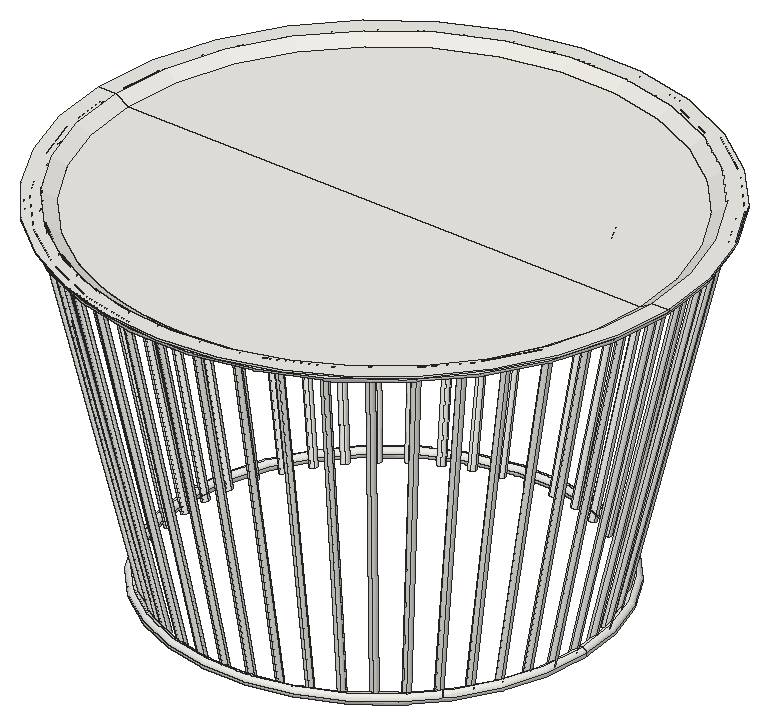
Revit family "FU_Table_Sandler_Noodle 8-1", category Furniture, Revit 2020
Family settings
  OmniClass Number = 23.40.20.00
  OmniClass Title = General Furniture and Specialties
  Work Plane-Based = No
  Always vertical = Yes
  Cut with Voids When Loaded = No
  Shared = No
  Room Calculation Point = No
Parameters (values of type "Noodle 8.1")
  Width = 500 mm
  URL = "https://www.sandlerseating.com/product/noodle-8-1/"
  Model = "Noodle 8.1"
  Manufacturer = "Sandler"
  Height = 300 mm
  Frame [instance] = Metal - Paint -AL VR - Pure White
  Description = "Coffee table with a steel sheet table top on a steel frame. Suitable for outdoor use with AC VR outdoor colours."
  Depth = 500 mm
  Default Elevation = 0 mm
Reference planes
  plane 1 "Center (Front/Back)": y = 0
  plane 2: z = 0
  plane 3 "Center (Left/Right)": x = 0
  plane 4 "Right": x = -250
  plane 5 "Left": x = 250
  plane 6 "Back": y = 250
  plane 7 "Front": y = -250
  plane 8 "Height": z = 300
  plane 9 "Top Base": z = 292
  plane 10 "Top Ring H FRONT": z = 296.25
  plane 11 "Top Ring RAD FRONT": x = -245.25
  plane 12 "Base Ring H FRONT": z = 4
  plane 13 "ROD C Left FRONT": through (166.569, -1524, 3.067) normal (-0.972, 0, 0.235)
Forms (mm)
  Revolve 1, solid, material "Metal - Paint -AL VR - Pure White" <- "Frame"
    sketch origin (0, 0, 0) x (1, 0, 0) y (0, 0, 1)
      loop
        line (-235.129, 300) -> (-250, 300) -> (-250, 299) -> (-235.898, 299) -> (-224.248, 292) -> (0, 292) -> (0, 293.5) -> (-224.311, 293.5) -> (-235.129, 300)
      axis (0, 300) -> (0, 292)
    angle from 0 to 360
  Sweep 2, solid, material "Metal - Paint -AL VR - Pure White" <- "Frame"
    path origin (0, 0, 296.25) x (-1, 0, 0) y (0, -1, 0)
      loop
        circle (0, 0) r 245.25
    profile "Pro_Circles : 05.5mm" origin (0, -245.25, 296.25) x (0, 1, 0) y (0, 0, 1)
      loop
        arc (-2.717, 0.067) -> (-1.99, -1.893) -> (-0.069, -2.717) r 2.651
        arc (-0.069, -2.717) -> (1.942, -1.944) -> (2.717, 0.067) r 2.654
        arc (2.717, 0.067) -> (1.893, 1.988) -> (-0.067, 2.717) r 2.653
        arc (-0.067, 2.717) -> (-1.94, 1.94) -> (-2.717, 0.067) r 2.65
  Extrusion 3, solid, material "Metal - Paint -AL VR - Pure White" <- "Frame"
    sketch origin (0, 0, 292) x (-1, 0, 0) y (0, -1, 0)
      loop
        circle (0, 0) r 162
    from 0 to -5
  Sweep 4, solid, material "Metal - Paint -AL VR - Pure White" <- "Frame"
    path origin (0, 0, 4) x (-1, 0, 0) y (0, -1, 0)
      loop
        circle (0, 0) r 173.52
    profile "Pro_Circles : 08mm" origin (0, -173.52, 4) x (0, 1, 0) y (0, 0, 1)
      loop
        arc (-3.967, 0.067) -> (-2.873, -2.777) -> (-0.068, -3.967) r 3.901
        arc (-0.068, -3.967) -> (2.826, -2.827) -> (3.967, 0.067) r 3.903
        arc (3.967, 0.067) -> (2.777, 2.872) -> (-0.067, 3.967) r 3.902
        arc (-0.067, 3.967) -> (-2.824, 2.824) -> (-3.967, 0.067) r 3.9
  Sweep 5, solid, material "Metal - Paint -AL VR - Pure White" <- "Frame"
    path origin (0, 0, 0) x (1, 0, 0) y (0, 0, 1)
      loop
        line (165.835, 0.033) -> (238.114, 298.967)
    profile "Pro_Circles : 06mm" origin (201.974, 0, 149.5) x (-0.971992, 0, 0.235015) y (0, -1, 0)
      loop
        arc (-2.967, 0.067) -> (-2.167, -2.07) -> (-0.069, -2.967) r 2.901
        arc (-0.069, -2.967) -> (2.119, -2.121) -> (2.967, 0.067) r 2.904
        arc (2.967, 0.067) -> (2.07, 2.165) -> (-0.067, 2.967) r 2.903
        arc (-0.067, 2.967) -> (-2.117, 2.117) -> (-2.967, 0.067) r 2.9
  Sweep 6, solid, material "Metal - Paint -AL VR - Pure White" <- "Frame"
    path origin (0, 0, 0) x (0.991076, 0.133294, 0) y (0, 0, 1)
      loop
        line (165.835, 0.033) -> (238.114, 298.967)
    profile "Pro_Circles : 06mm" origin (200.172, 26.922, 149.5) x (-0.963318, -0.129561, 0.235015) y (0.133294, -0.991076, 0)
      loop
        arc (-2.967, 0.067) -> (-2.167, -2.07) -> (-0.069, -2.967) r 2.901
        arc (-0.069, -2.967) -> (2.119, -2.121) -> (2.967, 0.067) r 2.904
        arc (2.967, 0.067) -> (2.07, 2.165) -> (-0.067, 2.967) r 2.903
        arc (-0.067, 2.967) -> (-2.117, 2.117) -> (-2.967, 0.067) r 2.9
  Sweep 7, solid, material "Metal - Paint -AL VR - Pure White" <- "Frame"
    path origin (0, 0, 0) x (0.964465, 0.26421, 0) y (0, 0, 1)
      loop
        line (165.835, 0.033) -> (238.114, 298.967)
    profile "Pro_Circles : 06mm" origin (194.797, 53.364, 149.5) x (-0.937452, -0.25681, 0.235015) y (0.26421, -0.964465, 0)
      loop
        arc (-2.967, 0.067) -> (-2.167, -2.07) -> (-0.069, -2.967) r 2.901
        arc (-0.069, -2.967) -> (2.119, -2.121) -> (2.967, 0.067) r 2.904
        arc (2.967, 0.067) -> (2.07, 2.165) -> (-0.067, 2.967) r 2.903
        arc (-0.067, 2.967) -> (-2.117, 2.117) -> (-2.967, 0.067) r 2.9
  Sweep 8, solid, material "Metal - Paint -AL VR - Pure White" <- "Frame"
    path origin (0, 0, 0) x (0.920641, 0.39041, 0) y (0, 0, 1)
      loop
        line (165.835, 0.033) -> (238.114, 298.967)
    profile "Pro_Circles : 06mm" origin (185.946, 78.853, 149.5) x (-0.894856, -0.379475, 0.235015) y (0.39041, -0.920641, 0)
      loop
        arc (-2.967, 0.067) -> (-2.167, -2.07) -> (-0.069, -2.967) r 2.901
        arc (-0.069, -2.967) -> (2.119, -2.121) -> (2.967, 0.067) r 2.904
        arc (2.967, 0.067) -> (2.07, 2.165) -> (-0.067, 2.967) r 2.903
        arc (-0.067, 2.967) -> (-2.117, 2.117) -> (-2.967, 0.067) r 2.9
  Sweep 9, solid, material "Metal - Paint -AL VR - Pure White" <- "Frame"
    path origin (0, 0, 0) x (0.860386, 0.509642, 0) y (0, 0, 1)
      loop
        line (165.835, 0.033) -> (238.114, 298.967)
    profile "Pro_Circles : 06mm" origin (173.776, 102.935, 149.5) x (-0.836289, -0.495368, 0.235015) y (0.509642, -0.860386, 0)
      loop
        arc (-2.967, 0.067) -> (-2.167, -2.07) -> (-0.069, -2.967) r 2.901
        arc (-0.069, -2.967) -> (2.119, -2.121) -> (2.967, 0.067) r 2.904
        arc (2.967, 0.067) -> (2.07, 2.165) -> (-0.067, 2.967) r 2.903
        arc (-0.067, 2.967) -> (-2.117, 2.117) -> (-2.967, 0.067) r 2.9
  Sweep 10, solid, material "Metal - Paint -AL VR - Pure White" <- "Frame"
    path origin (0, 0, 0) x (0.784776, 0.619779, 0) y (0, 0, 1)
      loop
        line (165.835, 0.033) -> (238.114, 298.967)
    profile "Pro_Circles : 06mm" origin (158.505, 125.18, 149.5) x (-0.762796, -0.60242, 0.235015) y (0.619779, -0.784776, 0)
      loop
        arc (-2.967, 0.067) -> (-2.167, -2.07) -> (-0.069, -2.967) r 2.901
        arc (-0.069, -2.967) -> (2.119, -2.121) -> (2.967, 0.067) r 2.904
        arc (2.967, 0.067) -> (2.07, 2.165) -> (-0.067, 2.967) r 2.903
        arc (-0.067, 2.967) -> (-2.117, 2.117) -> (-2.967, 0.067) r 2.9
  Sweep 11, solid, material "Metal - Paint -AL VR - Pure White" <- "Frame"
    path origin (0, 0, 0) x (0.69516, 0.718855, 0) y (0, 0, 1)
      loop
        line (165.835, 0.033) -> (238.114, 298.967)
    profile "Pro_Circles : 06mm" origin (140.405, 145.19, 149.5) x (-0.67569, -0.698721, 0.235015) y (0.718855, -0.69516, 0)
      loop
        arc (-2.967, 0.067) -> (-2.167, -2.07) -> (-0.069, -2.967) r 2.901
        arc (-0.069, -2.967) -> (2.119, -2.121) -> (2.967, 0.067) r 2.904
        arc (2.967, 0.067) -> (2.07, 2.165) -> (-0.067, 2.967) r 2.903
        arc (-0.067, 2.967) -> (-2.117, 2.117) -> (-2.967, 0.067) r 2.9
  Sweep 12, solid, material "Metal - Paint -AL VR - Pure White" <- "Frame"
    path origin (0, 0, 0) x (0.593138, 0.805101, 0) y (0, 0, 1)
      loop
        line (165.835, 0.033) -> (238.114, 298.967)
    profile "Pro_Circles : 06mm" origin (119.799, 162.61, 149.5) x (-0.576525, -0.782551, 0.235015) y (0.805101, -0.593138, 0)
      loop
        arc (-2.967, 0.067) -> (-2.167, -2.07) -> (-0.069, -2.967) r 2.901
        arc (-0.069, -2.967) -> (2.119, -2.121) -> (2.967, 0.067) r 2.904
        arc (2.967, 0.067) -> (2.07, 2.165) -> (-0.067, 2.967) r 2.903
        arc (-0.067, 2.967) -> (-2.117, 2.117) -> (-2.967, 0.067) r 2.9
  Sweep 13, solid, material "Metal - Paint -AL VR - Pure White" <- "Frame"
    path origin (0, 0, 0) x (0.48053, 0.876978, 0) y (0, 0, 1)
      loop
        line (165.835, 0.033) -> (238.114, 298.967)
    profile "Pro_Circles : 06mm" origin (97.055, 177.127, 149.5) x (-0.467071, -0.852416, 0.235015) y (0.876978, -0.48053, 0)
      loop
        arc (-2.967, 0.067) -> (-2.167, -2.07) -> (-0.069, -2.967) r 2.901
        arc (-0.069, -2.967) -> (2.119, -2.121) -> (2.967, 0.067) r 2.904
        arc (2.967, 0.067) -> (2.07, 2.165) -> (-0.067, 2.967) r 2.903
        arc (-0.067, 2.967) -> (-2.117, 2.117) -> (-2.967, 0.067) r 2.9
  Sweep 14, solid, material "Metal - Paint -AL VR - Pure White" <- "Frame"
    path origin (0, 0, 0) x (0.359345, 0.933205, 0) y (0, 0, 1)
      loop
        line (165.835, 0.033) -> (238.114, 298.967)
    profile "Pro_Circles : 06mm" origin (72.579, 188.484, 149.5) x (-0.349281, -0.907067, 0.235015) y (0.933205, -0.359345, 0)
      loop
        arc (-2.967, 0.067) -> (-2.167, -2.07) -> (-0.069, -2.967) r 2.901
        arc (-0.069, -2.967) -> (2.119, -2.121) -> (2.967, 0.067) r 2.904
        arc (2.967, 0.067) -> (2.07, 2.165) -> (-0.067, 2.967) r 2.903
        arc (-0.067, 2.967) -> (-2.117, 2.117) -> (-2.967, 0.067) r 2.9
  Sweep 15, solid, material "Metal - Paint -AL VR - Pure White" <- "Frame"
    path origin (0, 0, 0) x (0.231748, 0.972776, 0) y (0, 0, 1)
      loop
        line (165.835, 0.033) -> (238.114, 298.967)
    profile "Pro_Circles : 06mm" origin (46.807, 196.476, 149.5) x (-0.225257, -0.94553, 0.235015) y (0.972776, -0.231748, 0)
      loop
        arc (-2.967, 0.067) -> (-2.167, -2.07) -> (-0.069, -2.967) r 2.901
        arc (-0.069, -2.967) -> (2.119, -2.121) -> (2.967, 0.067) r 2.904
        arc (2.967, 0.067) -> (2.07, 2.165) -> (-0.067, 2.967) r 2.903
        arc (-0.067, 2.967) -> (-2.117, 2.117) -> (-2.967, 0.067) r 2.9
  Sweep 16, solid, material "Metal - Paint -AL VR - Pure White" <- "Frame"
    path origin (0, 0, 0) x (0.100014, 0.994986, 0) y (0, 0, 1)
      loop
        line (165.835, 0.033) -> (238.114, 298.967)
    profile "Pro_Circles : 06mm" origin (20.2, 200.962, 149.5) x (-0.097213, -0.967118, 0.235015) y (0.994986, -0.100014, 0)
      loop
        arc (-2.967, 0.067) -> (-2.167, -2.07) -> (-0.069, -2.967) r 2.901
        arc (-0.069, -2.967) -> (2.119, -2.121) -> (2.967, 0.067) r 2.904
        arc (2.967, 0.067) -> (2.07, 2.165) -> (-0.067, 2.967) r 2.903
        arc (-0.067, 2.967) -> (-2.117, 2.117) -> (-2.967, 0.067) r 2.9
  Sweep 17, solid, material "Metal - Paint -AL VR - Pure White" <- "Frame"
    path origin (0, 0, 0) x (-0.033504, 0.999439, 0) y (0, 0, 1)
      loop
        line (165.835, 0.033) -> (238.114, 298.967)
    profile "Pro_Circles : 06mm" origin (-6.767, 201.861, 149.5) x (0.032566, -0.971446, 0.235015) y (0.999439, 0.033504, 0)
      loop
        arc (-2.967, 0.067) -> (-2.167, -2.07) -> (-0.069, -2.967) r 2.901
        arc (-0.069, -2.967) -> (2.119, -2.121) -> (2.967, 0.067) r 2.904
        arc (2.967, 0.067) -> (2.07, 2.165) -> (-0.067, 2.967) r 2.903
        arc (-0.067, 2.967) -> (-2.117, 2.117) -> (-2.967, 0.067) r 2.9
  Sweep 18, solid, material "Metal - Paint -AL VR - Pure White" <- "Frame"
    path origin (0, 0, 0) x (-0.166425, 0.986054, 0) y (0, 0, 1)
      loop
        line (165.835, 0.033) -> (238.114, 298.967)
    profile "Pro_Circles : 06mm" origin (-33.614, 199.158, 149.5) x (0.161763, -0.958437, 0.235015) y (0.986054, 0.166425, 0)
      loop
        arc (-2.967, 0.067) -> (-2.167, -2.07) -> (-0.069, -2.967) r 2.901
        arc (-0.069, -2.967) -> (2.119, -2.121) -> (2.967, 0.067) r 2.904
        arc (2.967, 0.067) -> (2.07, 2.165) -> (-0.067, 2.967) r 2.903
        arc (-0.067, 2.967) -> (-2.117, 2.117) -> (-2.967, 0.067) r 2.9
  Sweep 19, solid, material "Metal - Paint -AL VR - Pure White" <- "Frame"
    path origin (0, 0, 0) x (-0.296375, 0.955072, 0) y (0, 0, 1)
      loop
        line (165.835, 0.033) -> (238.114, 298.967)
    profile "Pro_Circles : 06mm" origin (-59.86, 192.9, 149.5) x (0.288074, -0.928322, 0.235015) y (0.955072, 0.296375, 0)
      loop
        arc (-2.967, 0.067) -> (-2.167, -2.07) -> (-0.069, -2.967) r 2.901
        arc (-0.069, -2.967) -> (2.119, -2.121) -> (2.967, 0.067) r 2.904
        arc (2.967, 0.067) -> (2.07, 2.165) -> (-0.067, 2.967) r 2.903
        arc (-0.067, 2.967) -> (-2.117, 2.117) -> (-2.967, 0.067) r 2.9
  Sweep 20, solid, material "Metal - Paint -AL VR - Pure White" <- "Frame"
    path origin (0, 0, 0) x (-0.421036, 0.907044, 0) y (0, 0, 1)
      loop
        line (165.835, 0.033) -> (238.114, 298.967)
    profile "Pro_Circles : 06mm" origin (-85.038, 183.2, 149.5) x (0.409243, -0.881639, 0.235015) y (0.907044, 0.421036, 0)
      loop
        arc (-2.967, 0.067) -> (-2.167, -2.07) -> (-0.069, -2.967) r 2.901
        arc (-0.069, -2.967) -> (2.119, -2.121) -> (2.967, 0.067) r 2.904
        arc (2.967, 0.067) -> (2.07, 2.165) -> (-0.067, 2.967) r 2.903
        arc (-0.067, 2.967) -> (-2.117, 2.117) -> (-2.967, 0.067) r 2.9
  Sweep 21, solid, material "Metal - Paint -AL VR - Pure White" <- "Frame"
    path origin (0, 0, 0) x (-0.538183, 0.842828, 0) y (0, 0, 1)
      loop
        line (165.835, 0.033) -> (238.114, 298.967)
    profile "Pro_Circles : 06mm" origin (-108.699, 170.23, 149.5) x (0.523109, -0.819222, 0.235015) y (0.842828, 0.538183, 0)
      loop
        arc (-2.967, 0.067) -> (-2.167, -2.07) -> (-0.069, -2.967) r 2.901
        arc (-0.069, -2.967) -> (2.119, -2.121) -> (2.967, 0.067) r 2.904
        arc (2.967, 0.067) -> (2.07, 2.165) -> (-0.067, 2.967) r 2.903
        arc (-0.067, 2.967) -> (-2.117, 2.117) -> (-2.967, 0.067) r 2.9
  Sweep 22, solid, material "Metal - Paint -AL VR - Pure White" <- "Frame"
    path origin (0, 0, 0) x (-0.645724, 0.763571, 0) y (0, 0, 1)
      loop
        line (165.835, 0.033) -> (238.114, 298.967)
    profile "Pro_Circles : 06mm" origin (-130.42, 154.222, 149.5) x (0.627639, -0.742184, 0.235015) y (0.763571, 0.645724, 0)
      loop
        arc (-2.967, 0.067) -> (-2.167, -2.07) -> (-0.069, -2.967) r 2.901
        arc (-0.069, -2.967) -> (2.119, -2.121) -> (2.967, 0.067) r 2.904
        arc (2.967, 0.067) -> (2.07, 2.165) -> (-0.067, 2.967) r 2.903
        arc (-0.067, 2.967) -> (-2.117, 2.117) -> (-2.967, 0.067) r 2.9
  Sweep 23, solid, material "Metal - Paint -AL VR - Pure White" <- "Frame"
    path origin (0, 0, 0) x (-0.741742, 0.670686, 0) y (0, 0, 1)
      loop
        line (165.835, 0.033) -> (238.114, 298.967)
    profile "Pro_Circles : 06mm" origin (-149.813, 135.461, 149.5) x (0.720967, -0.651901, 0.235015) y (0.670686, 0.741742, 0)
      loop
        arc (-2.967, 0.067) -> (-2.167, -2.07) -> (-0.069, -2.967) r 2.901
        arc (-0.069, -2.967) -> (2.119, -2.121) -> (2.967, 0.067) r 2.904
        arc (2.967, 0.067) -> (2.07, 2.165) -> (-0.067, 2.967) r 2.903
        arc (-0.067, 2.967) -> (-2.117, 2.117) -> (-2.967, 0.067) r 2.9
  Sweep 24, solid, material "Metal - Paint -AL VR - Pure White" <- "Frame"
    path origin (0, 0, 0) x (-0.824521, 0.565831, 0) y (0, 0, 1)
      loop
        line (165.835, 0.033) -> (238.114, 298.967)
    profile "Pro_Circles : 06mm" origin (-166.532, 114.283, 149.5) x (0.801428, -0.549983, 0.235015) y (0.565831, 0.824521, 0)
      loop
        arc (-2.967, 0.067) -> (-2.167, -2.07) -> (-0.069, -2.967) r 2.901
        arc (-0.069, -2.967) -> (2.119, -2.121) -> (2.967, 0.067) r 2.904
        arc (2.967, 0.067) -> (2.07, 2.165) -> (-0.067, 2.967) r 2.903
        arc (-0.067, 2.967) -> (-2.117, 2.117) -> (-2.967, 0.067) r 2.9
  Sweep 25, solid, material "Metal - Paint -AL VR - Pure White" <- "Frame"
    path origin (0, 0, 0) x (-0.892586, 0.450878, 0) y (0, 0, 1)
      loop
        line (165.835, 0.033) -> (238.114, 298.967)
    profile "Pro_Circles : 06mm" origin (-180.28, 91.066, 149.5) x (0.867586, -0.438249, 0.235015) y (0.450878, 0.892586, 0)
      loop
        arc (-2.967, 0.067) -> (-2.167, -2.07) -> (-0.069, -2.967) r 2.901
        arc (-0.069, -2.967) -> (2.119, -2.121) -> (2.967, 0.067) r 2.904
        arc (2.967, 0.067) -> (2.07, 2.165) -> (-0.067, 2.967) r 2.903
        arc (-0.067, 2.967) -> (-2.117, 2.117) -> (-2.967, 0.067) r 2.9
  Sweep 26, solid, material "Metal - Paint -AL VR - Pure White" <- "Frame"
    path origin (0, 0, 0) x (-0.94472, 0.327878, 0) y (0, 0, 1)
      loop
        line (165.835, 0.033) -> (238.114, 298.967)
    profile "Pro_Circles : 06mm" origin (-190.809, 66.223, 149.5) x (0.91826, -0.318694, 0.235015) y (0.327878, 0.94472, 0)
      loop
        arc (-2.967, 0.067) -> (-2.167, -2.07) -> (-0.069, -2.967) r 2.901
        arc (-0.069, -2.967) -> (2.119, -2.121) -> (2.967, 0.067) r 2.904
        arc (2.967, 0.067) -> (2.07, 2.165) -> (-0.067, 2.967) r 2.903
        arc (-0.067, 2.967) -> (-2.117, 2.117) -> (-2.967, 0.067) r 2.9
  Sweep 27, solid, material "Metal - Paint -AL VR - Pure White" <- "Frame"
    path origin (0, 0, 0) x (-0.979994, 0.199026, 0) y (0, 0, 1)
      loop
        line (165.835, 0.033) -> (238.114, 298.967)
    profile "Pro_Circles : 06mm" origin (-197.934, 40.198, 149.5) x (0.952546, -0.193452, 0.235015) y (0.199026, 0.979994, 0)
      loop
        arc (-2.967, 0.067) -> (-2.167, -2.07) -> (-0.069, -2.967) r 2.901
        arc (-0.069, -2.967) -> (2.119, -2.121) -> (2.967, 0.067) r 2.904
        arc (2.967, 0.067) -> (2.07, 2.165) -> (-0.067, 2.967) r 2.903
        arc (-0.067, 2.967) -> (-2.117, 2.117) -> (-2.967, 0.067) r 2.9
  Sweep 28, solid, material "Metal - Paint -AL VR - Pure White" <- "Frame"
    path origin (0, 0, 0) x (-0.997778, 0.066622, 0) y (0, 0, 1)
      loop
        line (165.835, 0.033) -> (238.114, 298.967)
    profile "Pro_Circles : 06mm" origin (-201.526, 13.456, 149.5) x (0.969832, -0.064756, 0.235015) y (0.066622, 0.997778, 0)
      loop
        arc (-2.967, 0.067) -> (-2.167, -2.07) -> (-0.069, -2.967) r 2.901
        arc (-0.069, -2.967) -> (2.119, -2.121) -> (2.967, 0.067) r 2.904
        arc (2.967, 0.067) -> (2.07, 2.165) -> (-0.067, 2.967) r 2.903
        arc (-0.067, 2.967) -> (-2.117, 2.117) -> (-2.967, 0.067) r 2.9
  Sweep 29, solid, material "Metal - Paint -AL VR - Pure White" <- "Frame"
    path origin (0, 0, 0) x (-0.997755, -0.06697, 0) y (0, 0, 1)
      loop
        line (165.835, 0.033) -> (238.114, 298.967)
    profile "Pro_Circles : 06mm" origin (-201.521, -13.526, 149.5) x (0.96981, 0.065095, 0.235015) y (-0.06697, 0.997755, 0)
      loop
        arc (-2.967, 0.067) -> (-2.167, -2.07) -> (-0.069, -2.967) r 2.901
        arc (-0.069, -2.967) -> (2.119, -2.121) -> (2.967, 0.067) r 2.904
        arc (2.967, 0.067) -> (2.07, 2.165) -> (-0.067, 2.967) r 2.903
        arc (-0.067, 2.967) -> (-2.117, 2.117) -> (-2.967, 0.067) r 2.9
  Sweep 30, solid, material "Metal - Paint -AL VR - Pure White" <- "Frame"
    path origin (0, 0, 0) x (-0.979925, -0.199368, 0) y (0, 0, 1)
      loop
        line (165.835, 0.033) -> (238.114, 298.967)
    profile "Pro_Circles : 06mm" origin (-197.92, -40.267, 149.5) x (0.952479, 0.193784, 0.235015) y (-0.199368, 0.979925, 0)
      loop
        arc (-2.967, 0.067) -> (-2.167, -2.07) -> (-0.069, -2.967) r 2.901
        arc (-0.069, -2.967) -> (2.119, -2.121) -> (2.967, 0.067) r 2.904
        arc (2.967, 0.067) -> (2.07, 2.165) -> (-0.067, 2.967) r 2.903
        arc (-0.067, 2.967) -> (-2.117, 2.117) -> (-2.967, 0.067) r 2.9
  Sweep 31, solid, material "Metal - Paint -AL VR - Pure White" <- "Frame"
    path origin (0, 0, 0) x (-0.944606, -0.328207, 0) y (0, 0, 1)
      loop
        line (165.835, 0.033) -> (238.114, 298.967)
    profile "Pro_Circles : 06mm" origin (-190.786, -66.289, 149.5) x (0.918149, 0.319015, 0.235015) y (-0.328207, 0.944606, 0)
      loop
        arc (-2.967, 0.067) -> (-2.167, -2.07) -> (-0.069, -2.967) r 2.901
        arc (-0.069, -2.967) -> (2.119, -2.121) -> (2.967, 0.067) r 2.904
        arc (2.967, 0.067) -> (2.07, 2.165) -> (-0.067, 2.967) r 2.903
        arc (-0.067, 2.967) -> (-2.117, 2.117) -> (-2.967, 0.067) r 2.9
  Sweep 32, solid, material "Metal - Paint -AL VR - Pure White" <- "Frame"
    path origin (0, 0, 0) x (-0.892428, -0.451189, 0) y (0, 0, 1)
      loop
        line (165.835, 0.033) -> (238.114, 298.967)
    profile "Pro_Circles : 06mm" origin (-180.248, -91.129, 149.5) x (0.867433, 0.438552, 0.235015) y (-0.451189, 0.892428, 0)
      loop
        arc (-2.967, 0.067) -> (-2.167, -2.07) -> (-0.069, -2.967) r 2.901
        arc (-0.069, -2.967) -> (2.119, -2.121) -> (2.967, 0.067) r 2.904
        arc (2.967, 0.067) -> (2.07, 2.165) -> (-0.067, 2.967) r 2.903
        arc (-0.067, 2.967) -> (-2.117, 2.117) -> (-2.967, 0.067) r 2.9
  Sweep 33, solid, material "Metal - Paint -AL VR - Pure White" <- "Frame"
    path origin (0, 0, 0) x (-0.824324, -0.566119, 0) y (0, 0, 1)
      loop
        line (165.835, 0.033) -> (238.114, 298.967)
    profile "Pro_Circles : 06mm" origin (-166.492, -114.341, 149.5) x (0.801236, 0.550263, 0.235015) y (-0.566119, 0.824324, 0)
      loop
        arc (-2.967, 0.067) -> (-2.167, -2.07) -> (-0.069, -2.967) r 2.901
        arc (-0.069, -2.967) -> (2.119, -2.121) -> (2.967, 0.067) r 2.904
        arc (2.967, 0.067) -> (2.07, 2.165) -> (-0.067, 2.967) r 2.903
        arc (-0.067, 2.967) -> (-2.117, 2.117) -> (-2.967, 0.067) r 2.9
  Sweep 34, solid, material "Metal - Paint -AL VR - Pure White" <- "Frame"
    path origin (0, 0, 0) x (-0.741508, -0.670944, 0) y (0, 0, 1)
      loop
        line (165.835, 0.033) -> (238.114, 298.967)
    profile "Pro_Circles : 06mm" origin (-149.766, -135.514, 149.5) x (0.720739, 0.652153, 0.235015) y (-0.670944, 0.741508, 0)
      loop
        arc (-2.967, 0.067) -> (-2.167, -2.07) -> (-0.069, -2.967) r 2.901
        arc (-0.069, -2.967) -> (2.119, -2.121) -> (2.967, 0.067) r 2.904
        arc (2.967, 0.067) -> (2.07, 2.165) -> (-0.067, 2.967) r 2.903
        arc (-0.067, 2.967) -> (-2.117, 2.117) -> (-2.967, 0.067) r 2.9
  Sweep 35, solid, material "Metal - Paint -AL VR - Pure White" <- "Frame"
    path origin (0, 0, 0) x (-0.645458, -0.763796, 0) y (0, 0, 1)
      loop
        line (165.835, 0.033) -> (238.114, 298.967)
    profile "Pro_Circles : 06mm" origin (-130.366, -154.267, 149.5) x (0.62738, 0.742404, 0.235015) y (-0.763796, 0.645458, 0)
      loop
        arc (-2.967, 0.067) -> (-2.167, -2.07) -> (-0.069, -2.967) r 2.901
        arc (-0.069, -2.967) -> (2.119, -2.121) -> (2.967, 0.067) r 2.904
        arc (2.967, 0.067) -> (2.07, 2.165) -> (-0.067, 2.967) r 2.903
        arc (-0.067, 2.967) -> (-2.117, 2.117) -> (-2.967, 0.067) r 2.9
  Sweep 36, solid, material "Metal - Paint -AL VR - Pure White" <- "Frame"
    path origin (0, 0, 0) x (-0.537888, -0.843016, 0) y (0, 0, 1)
      loop
        line (165.835, 0.033) -> (238.114, 298.967)
    profile "Pro_Circles : 06mm" origin (-108.64, -170.268, 149.5) x (0.522823, 0.819405, 0.235015) y (-0.843016, 0.537888, 0)
      loop
        arc (-2.967, 0.067) -> (-2.167, -2.07) -> (-0.069, -2.967) r 2.901
        arc (-0.069, -2.967) -> (2.119, -2.121) -> (2.967, 0.067) r 2.904
        arc (2.967, 0.067) -> (2.07, 2.165) -> (-0.067, 2.967) r 2.903
        arc (-0.067, 2.967) -> (-2.117, 2.117) -> (-2.967, 0.067) r 2.9
  Sweep 37, solid, material "Metal - Paint -AL VR - Pure White" <- "Frame"
    path origin (0, 0, 0) x (-0.420719, -0.907191, 0) y (0, 0, 1)
      loop
        line (165.835, 0.033) -> (238.114, 298.967)
    profile "Pro_Circles : 06mm" origin (-84.975, -183.229, 149.5) x (0.408936, 0.881782, 0.235015) y (-0.907191, 0.420719, 0)
      loop
        arc (-2.967, 0.067) -> (-2.167, -2.07) -> (-0.069, -2.967) r 2.901
        arc (-0.069, -2.967) -> (2.119, -2.121) -> (2.967, 0.067) r 2.904
        arc (2.967, 0.067) -> (2.07, 2.165) -> (-0.067, 2.967) r 2.903
        arc (-0.067, 2.967) -> (-2.117, 2.117) -> (-2.967, 0.067) r 2.9
  Sweep 38, solid, material "Metal - Paint -AL VR - Pure White" <- "Frame"
    path origin (0, 0, 0) x (-0.296041, -0.955175, 0) y (0, 0, 1)
      loop
        line (165.835, 0.033) -> (238.114, 298.967)
    profile "Pro_Circles : 06mm" origin (-59.793, -192.921, 149.5) x (0.28775, 0.928422, 0.235015) y (-0.955175, 0.296041, 0)
      loop
        arc (-2.967, 0.067) -> (-2.167, -2.07) -> (-0.069, -2.967) r 2.901
        arc (-0.069, -2.967) -> (2.119, -2.121) -> (2.967, 0.067) r 2.904
        arc (2.967, 0.067) -> (2.07, 2.165) -> (-0.067, 2.967) r 2.903
        arc (-0.067, 2.967) -> (-2.117, 2.117) -> (-2.967, 0.067) r 2.9
  Sweep 39, solid, material "Metal - Paint -AL VR - Pure White" <- "Frame"
    path origin (0, 0, 0) x (-0.16608, -0.986112, 0) y (0, 0, 1)
      loop
        line (165.835, 0.033) -> (238.114, 298.967)
    profile "Pro_Circles : 06mm" origin (-33.544, -199.169, 149.5) x (0.161429, 0.958493, 0.235015) y (-0.986112, 0.16608, 0)
      loop
        arc (-2.967, 0.067) -> (-2.167, -2.07) -> (-0.069, -2.967) r 2.901
        arc (-0.069, -2.967) -> (2.119, -2.121) -> (2.967, 0.067) r 2.904
        arc (2.967, 0.067) -> (2.07, 2.165) -> (-0.067, 2.967) r 2.903
        arc (-0.067, 2.967) -> (-2.117, 2.117) -> (-2.967, 0.067) r 2.9
  Sweep 40, solid, material "Metal - Paint -AL VR - Pure White" <- "Frame"
    path origin (0, 0, 0) x (-0.033155, -0.99945, 0) y (0, 0, 1)
      loop
        line (165.835, 0.033) -> (238.114, 298.967)
    profile "Pro_Circles : 06mm" origin (-6.696, -201.863, 149.5) x (0.032227, 0.971457, 0.235015) y (-0.99945, 0.033155, 0)
      loop
        arc (-2.967, 0.067) -> (-2.167, -2.07) -> (-0.069, -2.967) r 2.901
        arc (-0.069, -2.967) -> (2.119, -2.121) -> (2.967, 0.067) r 2.904
        arc (2.967, 0.067) -> (2.07, 2.165) -> (-0.067, 2.967) r 2.903
        arc (-0.067, 2.967) -> (-2.117, 2.117) -> (-2.967, 0.067) r 2.9
  Sweep 41, solid, material "Metal - Paint -AL VR - Pure White" <- "Frame"
    path origin (0, 0, 0) x (0.100362, -0.994951, 0) y (0, 0, 1)
      loop
        line (165.835, 0.033) -> (238.114, 298.967)
    profile "Pro_Circles : 06mm" origin (20.271, -200.955, 149.5) x (-0.097551, 0.967084, 0.235015) y (-0.994951, -0.100362, 0)
      loop
        arc (-2.967, 0.067) -> (-2.167, -2.07) -> (-0.069, -2.967) r 2.901
        arc (-0.069, -2.967) -> (2.119, -2.121) -> (2.967, 0.067) r 2.904
        arc (2.967, 0.067) -> (2.07, 2.165) -> (-0.067, 2.967) r 2.903
        arc (-0.067, 2.967) -> (-2.117, 2.117) -> (-2.967, 0.067) r 2.9
  Sweep 42, solid, material "Metal - Paint -AL VR - Pure White" <- "Frame"
    path origin (0, 0, 0) x (0.232087, -0.972695, 0) y (0, 0, 1)
      loop
        line (165.835, 0.033) -> (238.114, 298.967)
    profile "Pro_Circles : 06mm" origin (46.876, -196.46, 149.5) x (-0.225587, 0.945452, 0.235015) y (-0.972695, -0.232087, 0)
      loop
        arc (-2.967, 0.067) -> (-2.167, -2.07) -> (-0.069, -2.967) r 2.901
        arc (-0.069, -2.967) -> (2.119, -2.121) -> (2.967, 0.067) r 2.904
        arc (2.967, 0.067) -> (2.07, 2.165) -> (-0.067, 2.967) r 2.903
        arc (-0.067, 2.967) -> (-2.117, 2.117) -> (-2.967, 0.067) r 2.9
  Sweep 43, solid, material "Metal - Paint -AL VR - Pure White" <- "Frame"
    path origin (0, 0, 0) x (0.359671, -0.933079, 0) y (0, 0, 1)
      loop
        line (165.835, 0.033) -> (238.114, 298.967)
    profile "Pro_Circles : 06mm" origin (72.644, -188.458, 149.5) x (-0.349597, 0.906945, 0.235015) y (-0.933079, -0.359671, 0)
      loop
        arc (-2.967, 0.067) -> (-2.167, -2.07) -> (-0.069, -2.967) r 2.901
        arc (-0.069, -2.967) -> (2.119, -2.121) -> (2.967, 0.067) r 2.904
        arc (2.967, 0.067) -> (2.07, 2.165) -> (-0.067, 2.967) r 2.903
        arc (-0.067, 2.967) -> (-2.117, 2.117) -> (-2.967, 0.067) r 2.9
  Sweep 44, solid, material "Metal - Paint -AL VR - Pure White" <- "Frame"
    path origin (0, 0, 0) x (0.480836, -0.876811, 0) y (0, 0, 1)
      loop
        line (165.835, 0.033) -> (238.114, 298.967)
    profile "Pro_Circles : 06mm" origin (97.117, -177.093, 149.5) x (-0.467368, 0.852253, 0.235015) y (-0.876811, -0.480836, 0)
      loop
        arc (-2.967, 0.067) -> (-2.167, -2.07) -> (-0.069, -2.967) r 2.901
        arc (-0.069, -2.967) -> (2.119, -2.121) -> (2.967, 0.067) r 2.904
        arc (2.967, 0.067) -> (2.07, 2.165) -> (-0.067, 2.967) r 2.903
        arc (-0.067, 2.967) -> (-2.117, 2.117) -> (-2.967, 0.067) r 2.9
  Sweep 45, solid, material "Metal - Paint -AL VR - Pure White" <- "Frame"
    path origin (0, 0, 0) x (0.593419, -0.804894, 0) y (0, 0, 1)
      loop
        line (165.835, 0.033) -> (238.114, 298.967)
    profile "Pro_Circles : 06mm" origin (119.855, -162.568, 149.5) x (-0.576798, 0.78235, 0.235015) y (-0.804894, -0.593419, 0)
      loop
        arc (-2.967, 0.067) -> (-2.167, -2.07) -> (-0.069, -2.967) r 2.901
        arc (-0.069, -2.967) -> (2.119, -2.121) -> (2.967, 0.067) r 2.904
        arc (2.967, 0.067) -> (2.07, 2.165) -> (-0.067, 2.967) r 2.903
        arc (-0.067, 2.967) -> (-2.117, 2.117) -> (-2.967, 0.067) r 2.9
  Sweep 46, solid, material "Metal - Paint -AL VR - Pure White" <- "Frame"
    path origin (0, 0, 0) x (0.695411, -0.718612, 0) y (0, 0, 1)
      loop
        line (165.835, 0.033) -> (238.114, 298.967)
    profile "Pro_Circles : 06mm" origin (140.455, -145.141, 149.5) x (-0.675934, 0.698485, 0.235015) y (-0.718612, -0.695411, 0)
      loop
        arc (-2.967, 0.067) -> (-2.167, -2.07) -> (-0.069, -2.967) r 2.901
        arc (-0.069, -2.967) -> (2.119, -2.121) -> (2.967, 0.067) r 2.904
        arc (2.967, 0.067) -> (2.07, 2.165) -> (-0.067, 2.967) r 2.903
        arc (-0.067, 2.967) -> (-2.117, 2.117) -> (-2.967, 0.067) r 2.9
  Sweep 47, solid, material "Metal - Paint -AL VR - Pure White" <- "Frame"
    path origin (0, 0, 0) x (0.784993, -0.619505, 0) y (0, 0, 1)
      loop
        line (165.835, 0.033) -> (238.114, 298.967)
    profile "Pro_Circles : 06mm" origin (158.548, -125.124, 149.5) x (-0.763006, 0.602154, 0.235015) y (-0.619505, -0.784993, 0)
      loop
        arc (-2.967, 0.067) -> (-2.167, -2.07) -> (-0.069, -2.967) r 2.901
        arc (-0.069, -2.967) -> (2.119, -2.121) -> (2.967, 0.067) r 2.904
        arc (2.967, 0.067) -> (2.07, 2.165) -> (-0.067, 2.967) r 2.903
        arc (-0.067, 2.967) -> (-2.117, 2.117) -> (-2.967, 0.067) r 2.9
  Sweep 48, solid, material "Metal - Paint -AL VR - Pure White" <- "Frame"
    path origin (0, 0, 0) x (0.860564, -0.509342, 0) y (0, 0, 1)
      loop
        line (165.835, 0.033) -> (238.114, 298.967)
    profile "Pro_Circles : 06mm" origin (173.812, -102.874, 149.5) x (-0.836461, 0.495076, 0.235015) y (-0.509342, -0.860564, 0)
      loop
        arc (-2.967, 0.067) -> (-2.167, -2.07) -> (-0.069, -2.967) r 2.901
        arc (-0.069, -2.967) -> (2.119, -2.121) -> (2.967, 0.067) r 2.904
        arc (2.967, 0.067) -> (2.07, 2.165) -> (-0.067, 2.967) r 2.903
        arc (-0.067, 2.967) -> (-2.117, 2.117) -> (-2.967, 0.067) r 2.9
  Sweep 49, solid, material "Metal - Paint -AL VR - Pure White" <- "Frame"
    path origin (0, 0, 0) x (0.920777, -0.390088, 0) y (0, 0, 1)
      loop
        line (165.835, 0.033) -> (238.114, 298.967)
    profile "Pro_Circles : 06mm" origin (185.974, -78.788, 149.5) x (-0.894988, 0.379163, 0.235015) y (-0.390088, -0.920777, 0)
      loop
        arc (-2.967, 0.067) -> (-2.167, -2.07) -> (-0.069, -2.967) r 2.901
        arc (-0.069, -2.967) -> (2.119, -2.121) -> (2.967, 0.067) r 2.904
        arc (2.967, 0.067) -> (2.07, 2.165) -> (-0.067, 2.967) r 2.903
        arc (-0.067, 2.967) -> (-2.117, 2.117) -> (-2.967, 0.067) r 2.9
  Sweep 50, solid, material "Metal - Paint -AL VR - Pure White" <- "Frame"
    path origin (0, 0, 0) x (0.964557, -0.263873, 0) y (0, 0, 1)
      loop
        line (165.835, 0.033) -> (238.114, 298.967)
    profile "Pro_Circles : 06mm" origin (194.816, -53.296, 149.5) x (-0.937542, 0.256482, 0.235015) y (-0.263873, -0.964557, 0)
      loop
        arc (-2.967, 0.067) -> (-2.167, -2.07) -> (-0.069, -2.967) r 2.901
        arc (-0.069, -2.967) -> (2.119, -2.121) -> (2.967, 0.067) r 2.904
        arc (2.967, 0.067) -> (2.07, 2.165) -> (-0.067, 2.967) r 2.903
        arc (-0.067, 2.967) -> (-2.117, 2.117) -> (-2.967, 0.067) r 2.9
  Sweep 51, solid, material "Metal - Paint -AL VR - Pure White" <- "Frame"
    path origin (0, 0, 0) x (0.991123, -0.132948, 0) y (0, 0, 1)
      loop
        line (165.835, 0.033) -> (238.114, 298.967)
    profile "Pro_Circles : 06mm" origin (200.182, -26.852, 149.5) x (-0.963363, 0.129225, 0.235015) y (-0.132948, -0.991123, 0)
      loop
        arc (-2.967, 0.067) -> (-2.167, -2.07) -> (-0.069, -2.967) r 2.901
        arc (-0.069, -2.967) -> (2.119, -2.121) -> (2.967, 0.067) r 2.904
        arc (2.967, 0.067) -> (2.07, 2.165) -> (-0.067, 2.967) r 2.903
        arc (-0.067, 2.967) -> (-2.117, 2.117) -> (-2.967, 0.067) r 2.9
Dimensions and locks
  equal spacing: plane 4 "Right", plane 3 "Center (Left/Right)", plane 5 "Left"
  "Width": plane 4 "Right" to plane 5 "Left"
  equal spacing: plane 6 "Back", plane 1 "Center (Front/Back)", plane 7 "Front"
  "Depth": plane 6 "Back" to plane 7 "Front"
  "Height": plane 8 "Height" to level
  plane 9 "Top Base" to level = 292 mm
  aligned and locked: level to plane 2
  aligned and locked: plane 4 "Right" to Revolve 1 sketch curve
  aligned and locked: plane 9 "Top Base" to Revolve 1 sketch curve
  aligned and locked: Revolve 1 sketch curve to plane 3 "Center (Left/Right)"
Automatic sketch dimensions
  Revolve 1 sketch curve to plane 8 "Height" = 0 mm
  Revolve 1 sketch curve to plane 3 "Center (Left/Right)" = 0 mm
  Revolve 1 sketch curve to plane 8 "Height" = 1 mm
  Revolve 1 sketch curve to plane 4 "Right" = 14.102 mm
  Revolve 1 sketch curve to Revolve 1 sketch curve = 0.769 mm
  plane 9 "Top Base" to Revolve 1 sketch curve = 1.5 mm
  Revolve 1 sketch curve to Revolve 1 sketch curve = 10.818 mm
  Revolve 1 sketch curve to Revolve 1 sketch curve = 0.063 mm
  Revolve 1 sketch curve to Revolve 1 sketch curve = 27 mm
  plane 8 "Height" to Revolve 1 sketch curve = 30 mm
  plane 1 "Center (Front/Back)" to Sweep 2 sketch curve = 0 mm
  Sweep 2 sketch curve to plane 3 "Center (Left/Right)" = 0 mm
  plane 1 "Center (Front/Back)" to Extrusion 3 sketch curve = 0 mm
  Extrusion 3 sketch curve to plane 3 "Center (Left/Right)" = 0 mm
  plane 1 "Center (Front/Back)" to Sweep 4 sketch curve = 0 mm
  Sweep 4 sketch curve to plane 3 "Center (Left/Right)" = 0 mm
  Sweep 5 sketch curve to Sweep 5 sketch curve = 72.278 mm
  Sweep 5 sketch curve to Sweep 5 sketch curve = 298.934 mm
  Sweep 6 sketch curve to Sweep 6 sketch curve = 72.278 mm
  Sweep 6 sketch curve to Sweep 6 sketch curve = 298.934 mm
  Sweep 7 sketch curve to Sweep 7 sketch curve = 72.278 mm
  Sweep 7 sketch curve to Sweep 7 sketch curve = 298.934 mm
  Sweep 8 sketch curve to Sweep 8 sketch curve = 72.278 mm
  Sweep 8 sketch curve to Sweep 8 sketch curve = 298.934 mm
  Sweep 9 sketch curve to Sweep 9 sketch curve = 72.278 mm
  Sweep 9 sketch curve to Sweep 9 sketch curve = 298.934 mm
  Sweep 10 sketch curve to Sweep 10 sketch curve = 72.278 mm
  Sweep 10 sketch curve to Sweep 10 sketch curve = 298.934 mm
  Sweep 11 sketch curve to Sweep 11 sketch curve = 72.278 mm
  Sweep 11 sketch curve to Sweep 11 sketch curve = 298.934 mm
  Sweep 12 sketch curve to Sweep 12 sketch curve = 72.278 mm
  Sweep 12 sketch curve to Sweep 12 sketch curve = 298.934 mm
  Sweep 13 sketch curve to Sweep 13 sketch curve = 72.278 mm
  Sweep 13 sketch curve to Sweep 13 sketch curve = 298.934 mm
  Sweep 14 sketch curve to Sweep 14 sketch curve = 72.278 mm
  Sweep 14 sketch curve to Sweep 14 sketch curve = 298.934 mm
  Sweep 15 sketch curve to Sweep 15 sketch curve = 72.278 mm
  Sweep 15 sketch curve to Sweep 15 sketch curve = 298.934 mm
  Sweep 16 sketch curve to Sweep 16 sketch curve = 72.278 mm
  Sweep 16 sketch curve to Sweep 16 sketch curve = 298.934 mm
  Sweep 17 sketch curve to Sweep 17 sketch curve = 72.278 mm
  Sweep 17 sketch curve to Sweep 17 sketch curve = 298.934 mm
  Sweep 18 sketch curve to Sweep 18 sketch curve = 72.278 mm
  Sweep 18 sketch curve to Sweep 18 sketch curve = 298.934 mm
  Sweep 19 sketch curve to Sweep 19 sketch curve = 72.278 mm
  Sweep 19 sketch curve to Sweep 19 sketch curve = 298.934 mm
  Sweep 20 sketch curve to Sweep 20 sketch curve = 72.278 mm
  Sweep 20 sketch curve to Sweep 20 sketch curve = 298.934 mm
  Sweep 21 sketch curve to Sweep 21 sketch curve = 72.278 mm
  Sweep 21 sketch curve to Sweep 21 sketch curve = 298.934 mm
  Sweep 22 sketch curve to Sweep 22 sketch curve = 72.278 mm
  Sweep 22 sketch curve to Sweep 22 sketch curve = 298.934 mm
  Sweep 23 sketch curve to Sweep 23 sketch curve = 72.278 mm
  Sweep 23 sketch curve to Sweep 23 sketch curve = 298.934 mm
  Sweep 24 sketch curve to Sweep 24 sketch curve = 72.278 mm
  Sweep 24 sketch curve to Sweep 24 sketch curve = 298.934 mm
  Sweep 25 sketch curve to Sweep 25 sketch curve = 72.278 mm
  Sweep 25 sketch curve to Sweep 25 sketch curve = 298.934 mm
  Sweep 26 sketch curve to Sweep 26 sketch curve = 72.278 mm
  Sweep 26 sketch curve to Sweep 26 sketch curve = 298.934 mm
  Sweep 27 sketch curve to Sweep 27 sketch curve = 72.278 mm
  Sweep 27 sketch curve to Sweep 27 sketch curve = 298.934 mm
  Sweep 28 sketch curve to Sweep 28 sketch curve = 72.278 mm
  Sweep 28 sketch curve to Sweep 28 sketch curve = 298.934 mm
  Sweep 29 sketch curve to Sweep 29 sketch curve = 72.278 mm
  Sweep 29 sketch curve to Sweep 29 sketch curve = 298.934 mm
  Sweep 30 sketch curve to Sweep 30 sketch curve = 72.278 mm
  Sweep 30 sketch curve to Sweep 30 sketch curve = 298.934 mm
  Sweep 31 sketch curve to Sweep 31 sketch curve = 72.278 mm
  Sweep 31 sketch curve to Sweep 31 sketch curve = 298.934 mm
  Sweep 32 sketch curve to Sweep 32 sketch curve = 72.278 mm
  Sweep 32 sketch curve to Sweep 32 sketch curve = 298.934 mm
  Sweep 33 sketch curve to Sweep 33 sketch curve = 72.278 mm
  Sweep 33 sketch curve to Sweep 33 sketch curve = 298.934 mm
  Sweep 34 sketch curve to Sweep 34 sketch curve = 72.278 mm
  Sweep 34 sketch curve to Sweep 34 sketch curve = 298.934 mm
  Sweep 35 sketch curve to Sweep 35 sketch curve = 72.278 mm
  Sweep 35 sketch curve to Sweep 35 sketch curve = 298.934 mm
  Sweep 36 sketch curve to Sweep 36 sketch curve = 72.278 mm
  Sweep 36 sketch curve to Sweep 36 sketch curve = 298.934 mm
  Sweep 37 sketch curve to Sweep 37 sketch curve = 72.278 mm
  Sweep 37 sketch curve to Sweep 37 sketch curve = 298.934 mm
  Sweep 38 sketch curve to Sweep 38 sketch curve = 72.278 mm
  Sweep 38 sketch curve to Sweep 38 sketch curve = 298.934 mm
  Sweep 39 sketch curve to Sweep 39 sketch curve = 72.278 mm
  Sweep 39 sketch curve to Sweep 39 sketch curve = 298.934 mm
  Sweep 40 sketch curve to Sweep 40 sketch curve = 72.278 mm
  Sweep 40 sketch curve to Sweep 40 sketch curve = 298.934 mm
  Sweep 41 sketch curve to Sweep 41 sketch curve = 72.278 mm
  Sweep 41 sketch curve to Sweep 41 sketch curve = 298.934 mm
  Sweep 42 sketch curve to Sweep 42 sketch curve = 72.278 mm
  Sweep 42 sketch curve to Sweep 42 sketch curve = 298.934 mm
  Sweep 43 sketch curve to Sweep 43 sketch curve = 72.278 mm
  Sweep 43 sketch curve to Sweep 43 sketch curve = 298.934 mm
  Sweep 44 sketch curve to Sweep 44 sketch curve = 72.278 mm
  Sweep 44 sketch curve to Sweep 44 sketch curve = 298.934 mm
  Sweep 45 sketch curve to Sweep 45 sketch curve = 72.278 mm
  Sweep 45 sketch curve to Sweep 45 sketch curve = 298.934 mm
  Sweep 46 sketch curve to Sweep 46 sketch curve = 72.278 mm
  Sweep 46 sketch curve to Sweep 46 sketch curve = 298.934 mm
  Sweep 47 sketch curve to Sweep 47 sketch curve = 72.278 mm
  Sweep 47 sketch curve to Sweep 47 sketch curve = 298.934 mm
  Sweep 48 sketch curve to Sweep 48 sketch curve = 72.278 mm
  Sweep 48 sketch curve to Sweep 48 sketch curve = 298.934 mm
  Sweep 49 sketch curve to Sweep 49 sketch curve = 72.278 mm
  Sweep 49 sketch curve to Sweep 49 sketch curve = 298.934 mm
  Sweep 50 sketch curve to Sweep 50 sketch curve = 72.278 mm
  Sweep 50 sketch curve to Sweep 50 sketch curve = 298.934 mm
  Sweep 51 sketch curve to Sweep 51 sketch curve = 72.278 mm
  Sweep 51 sketch curve to Sweep 51 sketch curve = 298.934 mm
  radius of Sweep 2 sketch curve = 245.25 mm
  radius of Extrusion 3 sketch curve = 162 mm
  radius of Sweep 4 sketch curve = 173.52 mm
